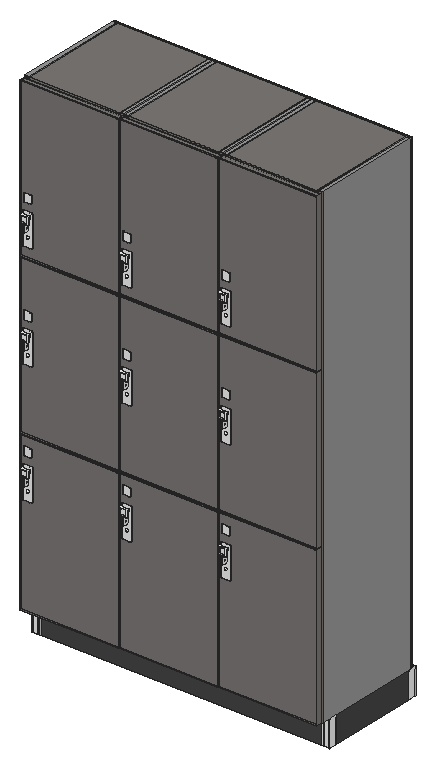
Revit family "Wood_Lockers_Hasps-Salsbury_Industries-15_43000_Series-3_Wide_Units.rfa", category Specialty Equipment, Revit 2016
Family settings
  Part Type = Normal
  Round Connector Dimension = Use Diameter
  OmniClass Number = 23.40.00.00
  OmniClass Title = Equipment and Furnishings
  Work Plane-Based = No
  Always vertical = Yes
  Cut with Voids When Loaded = No
  Shared = No
  Room Calculation Point = No
Parameters (values of type "15-43368")
  Width = 45.000"
  Version = "1.0 (01/31/24)"
  Unit Height including Sloping Hood Only [instance] = 78.868"
  Unit Height including Base Only [instance] = 76.000"
  URL = "www.lockers.com"
  Type Comments = "Premier Wood Lockers - Triple Tier - with Hasps"
  Total Doors Height [instance] = if(Unit Height = 72.000", 71.750", if(Unit Height = 60.000", 59.750", 0.000"))  # 71.750"
  Sloping Top Corner Filler - Right Side [instance] = Wood Locker Sloping Corner Fillers : None
  Sloping Top Corner Filler - Left Side [instance] = Wood Locker Sloping Corner Fillers : None
  Sloping In-Line Filler - Right Side [instance] = Wood Locker Sloping In-Line Fillers : None
  Sloping In-Line Filler - Left Side [instance] = Wood Locker Sloping In-Line Fillers : None
  Sloping Hood Height = if(Depth = 15.000", 5.743", if(Depth = 18.000", 6.868", if(Depth = 21.000", 7.993", if(Depth = 24.000", 9.118", 0.000"))))  # 6.868"
  Sloping Hood [instance] = Wood Locker Sloping Hoods : None
  Side Panel without Slope - Right Side [instance] = Wood Locker Side Panels-No Slope : None
  Side Panel without Slope - Left Side [instance] = Wood Locker Side Panels-No Slope : None
  Side Panel with Slope - Right Side [instance] = Wood Locker Side Panels-With Slope : None
  Side Panel with Slope - Left Side [instance] = Wood Locker Side Panels-With Slope : None
  Secondary Structure Materials = Particle Board Industrial Grade - Salsbury Finish - Black Melamine Overlay
  Primary Structure Materials = Particle Board Industrial Grade - Salsbury Finish - Plain
  Overall Unit Height including Base and Sloping Hood [instance] = 82.868"
  OmniClass 23 Title = "Equipment and Furnishings"
  OmniClass 23 Number = "23.40.00.00"
  Model = "15-43368"
  MasterFormat Title = "Lockers"
  MasterFormat Code = "10 51 23"
  Manufacturer = "Salsbury Industries"
  Laminate Surface [instance] = Industrial Grade Particleboard with Wood Laminate - Salsbury Finish - Skyline Walnut
  Unit Height = 72.000"
  Interior Material = Textured Melamine - Salsbury Finish - White
  Individual Door Width [instance] = 14.875"
  Individual Door Height = if(Unit Height = 72.000", 23.791", if(Unit Height = 60.000", 19.791", 0.000"))  # 23.791"
  Hardware = Aluminum - Salsbury Finish - Black Satin
  Front Vertical Filler - Right Side [instance] = Wood Locker Front Fillers : None
  Front Vertical Filler - Left Side [instance] = Wood Locker Front Fillers : None
  Front Corner Filler - Right Side [instance] = Wood Locker Front Corner Filler : None
  Front Corner Filler - Left Side [instance] = Wood Locker Front Corner Filler : None
  Flat Top In-Line Filler - Right Side [instance] = Wood Locker Flat In-Line Fillers : None
  Flat Top In-Line Filler - Left Side [instance] = Wood Locker Flat In-Line Fillers : None
  Flat Top Corner Filler - Right Side [instance] = Wood Locker Flat Corner Fillers : None
  Flat Top Corner Filler - Left Side [instance] = Wood Locker Flat Corner Fillers : None
  Fascia Filler [instance] = Wood Locker Fascia Fillers : None
  Double Side Panel without Slope - Right Side [instance] = Wood Locker Double Side Panels-No Slope : None
  Double Side Panel without Slope - Left Side [instance] = Wood Locker Double Side Panels-No Slope : None
  Double Side Panel with Slope - Right Side [instance] = Wood Locker Double Side Panels-With Slope : None
  Double Side Panel with Slope - Left Side [instance] = Wood Locker Double Side Panels-With Slope : None
  Door Location D3 = Premier Locker Doors_Hasp : Triple Tier Door-3 for Six Foot High Locker
  Door Location D2 = Premier Locker Doors_Hasp : Triple Tier Door-2 for Six Foot High Locker
  Door Location D1 = Premier Locker Doors_Hasp : Triple Tier Door-1 for Six Foot High Locker
  Description = "3 Wide - 6 Feet High - 18 inches Deep - with Base"
  Depth = 18.000"
  Compartment Width [instance] = 13.750"
  Compartment Height [instance] = if(Unit Height = 72.000", 23.000", if(Unit Height = 60.000", 19.000", 0.000"))  # 23.000"
  Compartment Depth [instance] = 16.750"
  Base Material = Particle Board Industrial Grade - Salsbury Finish - Black Melamine Overlay
  Base Height = 4.000"
  Base Depth [instance] = 16.250"
  Base = Wood Locker Bases : Base - 45" W x 18" D Lockers
  Assembly Code = "C1030310"
Reference planes (in)
  plane 1 "Center (Front/Back)": y = 0
  plane 2: z = 0
  plane 3 "Center (Left/Right)": x = 0
  plane 4 "Right Side of Unit": x = 22.5
  plane 5 "Left Side of Unit": x = -22.5
  plane 6 "Back of Unit": y = 9
  plane 7 "Front of Unit": y = -9
  plane 8 "Bottom of Base": z = 0
  plane 9 "Top Edge of Unit": z = 76
  plane 10 "Top of Base Edge": z = 4
  plane 11: z = 82.868
  plane 12 "Right Compartment 3 Edge": x = 21.906
  plane 13 "Left Compartment 1 Edge": x = -21.906
  plane 14 "Front Melamine Edge": y = -8
  plane 15 "Back Compartment Edge": y = 8.781
  plane 16 "Front Compartment Edge": y = -7.969
  plane 17 "Front Edge of Base": y = -6.625
  plane 18 "Bottom Edge of Door": z = 4.125
  plane 19 "Top Edge of Door": z = 75.875
  plane 20 "Bottom Compartment Edge": z = 4.75
  plane 21 "Top Compartment Edge": z = 75.25
  plane 22 "Center Top and Bottom": z = 40
  plane 23 "Left Melamine 1 Edge": x = -21.875
  plane 24 "Right Melamine 3 Edge": x = 21.875
  plane 25 "Back Melamine Edge": y = 8.75
  plane 26 "Left Edge of Door": x = -22.375
  plane 27: y = 9.625
  plane 28: y = -7.25
  plane 29 "Base / Ventillation Alignment": y = 9.625
  plane 30 "Compartment 1-2 Dividing Line": x = -7.5
  plane 31 "Compartment 2-3 Dividing Line": x = 7.5
  plane 32 "Right Compartment 1 Edge": x = -8.094
  plane 33 "Right Melamine 1 Edge": x = -8.125
  plane 34 "Left Compartment 2 Edge": x = -6.906
  plane 35 "Left Melamine 2 Edge": x = -6.875
  plane 36 "Right Compartment 2 Edge": x = 6.906
  plane 37 "Right Melamine 2 Edge": x = 6.875
  plane 38 "Left Compartment 3 Edge": x = 8.094
  plane 39 "Left Melamine 3 Edge": x = 8.125
  plane 40 "Compartment Shelf 2": z = 28.5
  plane 41: z = 27.75
  plane 42 "Compartment Extrusion Guide": z = 3.5
  plane 43 "Vertical Center of Compartment 1": x = -15
  plane 44 "Vertical Center of Compartment 3": x = 15
  plane 45: z = 27.916
  plane 46: z = 28.104
  plane 47: z = 51.5
  plane 48 "Compartment Shelf 1": z = 52.25
  plane 49: z = 51.895
  plane 50: z = 52.083
  plane 51 "Front of Shelf": y = 3.75
  plane 52: y = 3.781
  plane 53 "Top Shelf-Top": z = 70.75
  plane 54 "Top Shelf-Bottom": z = 70
  plane 55 "Mid Shelf-Top": z = 47
  plane 56 "Mid Shelf-Bottom": z = 46.25
  plane 57 "Bottom Shelf-Top": z = 23.25
  plane 58 "Bottom Shelf-Bottom": z = 22.5
Forms (in)
  Extrusion 1, solid, material "Particle Board Industrial Grade - Salsbury Finish - Plain" <- "Primary Structure Materials"
    sketch origin (22.5, 0, 0) x (0, -1, 0) y (0, 0, 1)
      loop
        line (7.969, 76) -> (-8.75, 76) -> (-8.75, 4) -> (7.969, 4) -> (7.969, 76)
    from 0 to 0.594
  Extrusion 2, solid, material "Particle Board Industrial Grade - Salsbury Finish - Plain" <- "Primary Structure Materials"
    sketch origin (-22.5, 0, 0) x (0, -1, 0) y (0, 0, 1)
      loop
        line (-8.75, 76) -> (-8.75, 4) -> (7.969, 4) -> (7.969, 76) -> (-8.75, 76)
    from 0 to -0.594
  Extrusion 3, solid, material "Textured Melamine - Salsbury Finish - White" <- "Interior Material"
    sketch origin (0, 0, 4) x (0, -1, 0) y (1, 0, 0)
      loop
        line (-8.75, -21.875) -> (7.969, -21.875) -> (7.969, 21.875) -> (-8.75, 21.875) -> (-8.75, -21.875)
    from 0 to 0.75
  Extrusion 4, solid, material "Industrial Grade Particleboard with Wood Laminate - Salsbury Finish - Skyline Walnut" <- "Laminate Surface"
    sketch origin (0, 0, 76) x (0, -1, 0) y (1, 0, 0)
      loop
        line (-8.75, -21.875) -> (8, -21.875) -> (8, 21.875) -> (-8.75, 21.875) -> (-8.75, -21.875)
    from 0 to -0.75
  Extrusion 5, solid, material "Particle Board Industrial Grade - Salsbury Finish - Plain" <- "Primary Structure Materials"
    sketch origin (0, 9, 0) x (1, 0, 0) y (0, 0, 1)
      loop
        line (-22.5, 76) -> (-22.5, 4) -> (22.5, 4) -> (22.5, 76) -> (-22.5, 76)
    from 0 to 0.219
  Extrusion 6, solid, material "Industrial Grade Particleboard with Wood Laminate - Salsbury Finish - Skyline Walnut" <- "Laminate Surface"
    sketch origin (0, -7.969, 0) x (1, 0, 0) y (0, 0, 1)
      loop
        line (-22.5, 76) -> (-22.5, 4) -> (-21.875, 4) -> (-21.875, 76) -> (-22.5, 76)
    from 0 to 0.031
  Extrusion 7, solid, material "Industrial Grade Particleboard with Wood Laminate - Salsbury Finish - Skyline Walnut" <- "Laminate Surface"
    sketch origin (0, -7.969, 0) x (-1, 0, 0) y (0, 0, -1)
      loop
        line (-22.5, -76) -> (-21.875, -76) -> (-21.875, -4) -> (-22.5, -4) -> (-22.5, -76)
    from 0 to 0.031
  Extrusion 8, solid, material "Textured Melamine - Salsbury Finish - White" <- "Interior Material"
    sketch origin (0, 8.75, 0) x (1, 0, 0) y (0, 0, 1)
      loop
        line (-22.5, 76) -> (-22.5, 4) -> (22.5, 4) -> (22.5, 76) -> (-22.5, 76)
    from -0.031 to 0
  Extrusion 9, solid, material "Textured Melamine - Salsbury Finish - White" <- "Interior Material"
    sketch origin (-21.906, 0, 0) x (0, -1, 0) y (0, 0, 1)
      loop
        line (-8.75, 76) -> (-8.75, 4) -> (7.969, 4) -> (7.969, 76) -> (-8.75, 76)
    from 0 to -0.031
  Extrusion 10, solid, material "Textured Melamine - Salsbury Finish - White" <- "Interior Material"
    sketch origin (21.906, 0, 0) x (0, -1, 0) y (0, 0, 1)
      loop
        line (7.969, 76) -> (-8.75, 76) -> (-8.75, 4) -> (7.969, 4) -> (7.969, 76)
    from 0 to 0.031
  Extrusion 11, solid, material "Textured Melamine - Salsbury Finish - White" <- "Interior Material", detail levels fine
    sketch origin (0, 0, 28.5) x (0, -1, 0) y (1, 0, 0)
      loop
        line (-8.75, -21.875) -> (7.969, -21.875) -> (7.969, 21.875) -> (-8.75, 21.875) -> (-8.75, -21.875)
    from 0 to -0.75
  Extrusion 12, void
    sketch origin (0, 0, 76) x (0, -1, 0) y (1, 0, 0)
      loop
        line (-8.75, -8.125) -> (8, -8.125) -> (8, -6.875) -> (-8.75, -6.875) -> (-8.75, -8.125)
    from -72.5 to 0
  Extrusion 13, void
    sketch origin (12, 0, 76) x (0, -1, 0) y (1, 0, 0)
      loop
        line (-8.75, -5.125) -> (8, -5.125) -> (8, -3.875) -> (-8.75, -3.875) -> (-8.75, -5.125)
    from -72.5 to 0
  Extrusion 14, solid, material "Particle Board Industrial Grade - Salsbury Finish - Plain" <- "Primary Structure Materials"
    sketch origin (6.0625, 0, 0) x (0, -1, 0) y (0, 0, 1)
      loop
        line (7.969, 76) -> (-8.75, 76) -> (-8.75, 4) -> (7.969, 4) -> (7.969, 76)
    from -1.4375 to -0.8435
  Extrusion 15, solid, material "Textured Melamine - Salsbury Finish - White" <- "Interior Material"
    sketch origin (5.4685, 0, 0) x (0, -1, 0) y (0, 0, 1)
      loop
        line (7.969, 76) -> (-8.75, 76) -> (-8.75, 4) -> (7.969, 4) -> (7.969, 76)
    from -1.4375 to -1.4065
  Extrusion 16, solid, material "Particle Board Industrial Grade - Salsbury Finish - Plain" <- "Primary Structure Materials"
    sketch origin (-5.9375, 0, 0) x (0, -1, 0) y (0, 0, 1)
      loop
        line (7.969, 76) -> (-8.75, 76) -> (-8.75, 4) -> (7.969, 4) -> (7.969, 76)
    from 1.5625 to 2.1565
  Extrusion 17, solid, material "Textured Melamine - Salsbury Finish - White" <- "Interior Material"
    sketch origin (-6.5315, 0, 0) x (0, -1, 0) y (0, 0, 1)
      loop
        line (7.969, 76) -> (-8.75, 76) -> (-8.75, 4) -> (7.969, 4) -> (7.969, 76)
    from 1.5625 to 1.5935
  Extrusion 18, solid, material "Particle Board Industrial Grade - Salsbury Finish - Plain" <- "Primary Structure Materials"
    sketch origin (-5.9375, 0, 0) x (0, -1, 0) y (0, 0, 1)
      loop
        line (-8.75, 76) -> (-8.75, 4) -> (7.969, 4) -> (7.969, 76) -> (-8.75, 76)
    from 1.5625 to 0.9685
  Extrusion 19, solid, material "Textured Melamine - Salsbury Finish - White" <- "Interior Material"
    sketch origin (-5.3435, 0, 0) x (0, -1, 0) y (0, 0, 1)
      loop
        line (-8.75, 76) -> (-8.75, 4) -> (7.969, 4) -> (7.969, 76) -> (-8.75, 76)
    from 1.5625 to 1.5315
  Extrusion 20, solid, material "Particle Board Industrial Grade - Salsbury Finish - Plain" <- "Primary Structure Materials"
    sketch origin (6.0625, 0, 0) x (0, -1, 0) y (0, 0, 1)
      loop
        line (-8.75, 76) -> (-8.75, 4) -> (7.969, 4) -> (7.969, 76) -> (-8.75, 76)
    from -1.4375 to -2.0315
  Extrusion 21, solid, material "Textured Melamine - Salsbury Finish - White" <- "Interior Material"
    sketch origin (6.6565, 0, 0) x (0, -1, 0) y (0, 0, 1)
      loop
        line (-8.75, 76) -> (-8.75, 4) -> (7.969, 4) -> (7.969, 76) -> (-8.75, 76)
    from -1.4375 to -1.4685
  Extrusion 22, solid, material "Industrial Grade Particleboard with Wood Laminate - Salsbury Finish - Skyline Walnut" <- "Laminate Surface"
    sketch origin (11.375, -7.969, 0) x (1, 0, 0) y (0, 0, 1)
      loop
        line (-19.5, 76) -> (-19.5, 4) -> (-18.25, 4) -> (-18.25, 76) -> (-19.5, 76)
    from 0 to 0.031
  Extrusion 23, solid, material "Industrial Grade Particleboard with Wood Laminate - Salsbury Finish - Skyline Walnut" <- "Laminate Surface"
    sketch origin (23.375, -7.969, 0) x (1, 0, 0) y (0, 0, 1)
      loop
        line (-16.5, 76) -> (-16.5, 4) -> (-15.25, 4) -> (-15.25, 76) -> (-16.5, 76)
    from 0 to 0.031
  Extrusion 24, solid, material "Textured Melamine - Salsbury Finish - White" <- "Interior Material", detail levels fine
    sketch origin (0, 0, 52.25) x (0, -1, 0) y (1, 0, 0)
      loop
        line (-8.75, -21.875) -> (7.969, -21.875) -> (7.969, 21.875) -> (-8.75, 21.875) -> (-8.75, -21.875)
    from 0 to -0.75
  Extrusion 25, solid, material "Industrial Grade Particleboard with Wood Laminate - Salsbury Finish - Skyline Walnut" <- "Laminate Surface"
    sketch origin (0, -7.969, 0) x (1, 0, 0) y (0, 0, 1)
      loop
        line (-21.875, 52.25) -> (-21.875, 51.5) -> (21.875, 51.5) -> (21.875, 52.25) -> (-21.875, 52.25)
    from 0 to 0.031
  Extrusion 26, solid, material "Industrial Grade Particleboard with Wood Laminate - Salsbury Finish - Skyline Walnut" <- "Laminate Surface"
    sketch origin (0, -7.969, 0) x (1, 0, 0) y (0, 0, 1)
      loop
        line (-21.875, 28.5) -> (-21.875, 27.75) -> (21.875, 27.75) -> (21.875, 28.5) -> (-21.875, 28.5)
    from 0 to 0.031
  Extrusion 27, solid, material "Industrial Grade Particleboard with Wood Laminate - Salsbury Finish - Skyline Walnut" <- "Laminate Surface"
    sketch origin (0, -7.969, 0) x (1, 0, 0) y (0, 0, 1)
      loop
        line (-21.875, 4.75) -> (-21.875, 4) -> (21.875, 4) -> (21.875, 4.75) -> (-21.875, 4.75)
    from 0 to 0.031
  Extrusion 28, solid, material "Textured Melamine - Salsbury Finish - White" <- "Interior Material"
    sketch origin (0, 0, 70.75) x (0, -1, 0) y (1, 0, 0)
      loop
        line (-8.75, -21.875) -> (-3.781, -21.875) -> (-3.781, 21.875) -> (-8.75, 21.875) -> (-8.75, -21.875)
    from 0 to -0.75
  Extrusion 29, solid, material "Textured Melamine - Salsbury Finish - White" <- "Interior Material"
    sketch origin (0, 0, 47) x (0, -1, 0) y (1, 0, 0)
      loop
        line (-8.75, -21.875) -> (-3.781, -21.875) -> (-3.781, 21.875) -> (-8.75, 21.875) -> (-8.75, -21.875)
    from 0 to -0.75
  Extrusion 30, solid, material "Textured Melamine - Salsbury Finish - White" <- "Interior Material"
    sketch origin (0, 0, 23.25) x (0, -1, 0) y (1, 0, 0)
      loop
        line (-8.75, -21.875) -> (-3.781, -21.875) -> (-3.781, 21.875) -> (-8.75, 21.875) -> (-8.75, -21.875)
    from 0 to -0.75
  Extrusion 31, solid, material "Industrial Grade Particleboard with Wood Laminate - Salsbury Finish - Skyline Walnut" <- "Laminate Surface"
    sketch origin (0, 3.75, 0) x (1, 0, 0) y (0, 0, 1)
      loop
        line (-21.875, 70.75) -> (-21.875, 70) -> (21.875, 70) -> (21.875, 70.75) -> (-21.875, 70.75)
    from 0 to -0.031
  Extrusion 32, solid, material "Industrial Grade Particleboard with Wood Laminate - Salsbury Finish - Skyline Walnut" <- "Laminate Surface"
    sketch origin (0, 3.75, 0) x (1, 0, 0) y (0, 0, 1)
      loop
        line (-21.875, 47) -> (-21.875, 46.25) -> (21.875, 46.25) -> (21.875, 47) -> (-21.875, 47)
    from 0 to -0.031
  Extrusion 33, solid, material "Industrial Grade Particleboard with Wood Laminate - Salsbury Finish - Skyline Walnut" <- "Laminate Surface"
    sketch origin (0, 3.75, 0) x (1, 0, 0) y (0, 0, 1)
      loop
        line (-21.875, 23.25) -> (-21.875, 22.5) -> (21.875, 22.5) -> (21.875, 23.25) -> (-21.875, 23.25)
    from 0 to -0.031
Cuts and joins
  Extrusion 12, Extrusion 13 cuts Extrusion 4
  Extrusion 12, Extrusion 13 cuts Extrusion 11
  Extrusion 12, Extrusion 13 cuts Extrusion 3
  Extrusion 13 cuts Extrusion 8
  Extrusion 12, Extrusion 13 cuts Extrusion 24
Lines and regions (in)
  symbolic lines
    curve 1: line (-22.5, 8.75, 76) -> (22.50006, 8.75, 76)
    curve 2: line (-22.5, 8.75, 0) -> (-22.5, 8.75, 76)
    curve 3: line (22.50006, 8.75, 76) -> (22.50006, 8.75, 0)
    curve 4: line (21.906, -8, 76) -> (21.906, 9.625, 76)
    curve 5: line (21.906, -8, 0) -> (21.906, -8, 76)
    curve 6: line (21.906, 9.625, 76) -> (21.906, 9.625, 0)
    curve 7: line (22.50006, 8.75, 0) -> (-22.5, 8.75, 0)
    curve 8: line (21.906, -6.625, 0) -> (21.906, 9.625, 0)
    curve 9: line (21.906, 9.625, 0) -> (21.906, -6.625, 0)
    curve 10: line (21.906, -8, 0) -> (21.906, 9.625, 0)
    curve 11: line (-22.5, 9.625, 0) -> (22.5, 9.625, 0)
    curve 12: line (-22.5, -8, 0) -> (-22.5, 9.625, 0)
    curve 13: line (22.5, -8, 0) -> (-22.5, -8, 0)
    curve 14: line (22.5, 9.625, 0) -> (22.5, -8, 0)
Dimensions and locks (in)
  equal spacing: plane 5 "Left Side of Unit", plane 43 "Vertical Center of Compartment 1", plane 30 "Compartment 1-2 Dividing Line", plane 3 "Center (Left/Right)", plane 31 "Compartment 2-3 Dividing Line", plane 44 "Vertical Center of Compartment 3", plane 4 "Right Side of Unit"
  "Width": plane 5 "Left Side of Unit" to plane 4 "Right Side of Unit"
  equal spacing: plane 7 "Front of Unit", plane 1 "Center (Front/Back)", plane 6 "Back of Unit"
  "Depth": plane 7 "Front of Unit" to plane 6 "Back of Unit"
  "Base Height": plane 10 "Top of Base Edge" to plane 8 "Bottom of Base"
  "Unit Height": plane 9 "Top Edge of Unit" to plane 10 "Top of Base Edge"
  "Sloping Hood Height": plane 11 to plane 9 "Top Edge of Unit"
  locked: plane 12 "Right Compartment 3 Edge" to plane 4 "Right Side of Unit" at 0.594
  locked: plane 5 "Left Side of Unit" to plane 13 "Left Compartment 1 Edge" at 0.594
  locked: plane 7 "Front of Unit" to plane 14 "Front Melamine Edge" at 1
  locked: plane 15 "Back Compartment Edge" to plane 6 "Back of Unit" at 0.219
  locked: plane 14 "Front Melamine Edge" to plane 16 "Front Compartment Edge" at 0.031
  plane 18 "Bottom Edge of Door" to plane 10 "Top of Base Edge" = 0.125"
  plane 9 "Top Edge of Unit" to plane 19 "Top Edge of Door" = 0.125"
  plane 20 "Bottom Compartment Edge" to plane 10 "Top of Base Edge" = 0.750"
  plane 9 "Top Edge of Unit" to plane 21 "Top Compartment Edge" = 0.750"
  equal spacing: plane 9 "Top Edge of Unit", plane 22 "Center Top and Bottom", plane 10 "Top of Base Edge"
  locked: plane 24 "Right Melamine 3 Edge" to plane 12 "Right Compartment 3 Edge" at 0.031
  locked: plane 13 "Left Compartment 1 Edge" to plane 23 "Left Melamine 1 Edge" at 0.031
  locked: plane 25 "Back Melamine Edge" to plane 15 "Back Compartment Edge" at 0.031
  locked: plane 5 "Left Side of Unit" to plane 26 "Left Edge of Door" at 0.125
  "Individual Door Width": plane 26 "Left Edge of Door" to plane 30 "Compartment 1-2 Dividing Line"
  "Total Doors Height": plane 19 "Top Edge of Door" to plane 18 "Bottom Edge of Door"
  "Unit Height including Base Only": plane 9 "Top Edge of Unit" to plane 8 "Bottom of Base"
  "Unit Height including Sloping Hood Only": plane 11 to plane 10 "Top of Base Edge"
  "Overall Unit Height including Base and Sloping Hood": plane 11 to plane 8 "Bottom of Base"
  locked: plane 7 "Front of Unit" to plane 17 "Front Edge of Base" at 2.375
  locked: plane 6 "Back of Unit" to plane 27 at 0.625
  "Base Depth": plane 17 "Front Edge of Base" to plane 27
  "Compartment Width": plane 23 "Left Melamine 1 Edge" to plane 33 "Right Melamine 1 Edge"
  "Compartment Height": plane 41 to plane 20 "Bottom Compartment Edge"
  "Compartment Depth": plane 14 "Front Melamine Edge" to plane 25 "Back Melamine Edge"
  locked: plane 14 "Front Melamine Edge" to plane 28 at 0.75
  plane 14 "Front Melamine Edge" to plane 27 = 17.625"
  Extrusion 2 to Extrusion 9 = 16.719"
  plane 6 "Back of Unit" to plane 29 "Base / Ventillation Alignment" = 0.625"
  plane 32 "Right Compartment 1 Edge" to plane 30 "Compartment 1-2 Dividing Line" to plane 34 "Left Compartment 2 Edge" = 0.594" locked, 0.594" locked
  plane 36 "Right Compartment 2 Edge" to plane 31 "Compartment 2-3 Dividing Line" to plane 38 "Left Compartment 3 Edge" = 0.594" locked, 0.594" locked
  locked: plane 37 "Right Melamine 2 Edge" to plane 36 "Right Compartment 2 Edge" at 0.031
  locked: plane 38 "Left Compartment 3 Edge" to plane 39 "Left Melamine 3 Edge" at 0.031
  locked: plane 34 "Left Compartment 2 Edge" to plane 35 "Left Melamine 2 Edge" at 0.031
  plane 33 "Right Melamine 1 Edge" to plane 32 "Right Compartment 1 Edge" = 0.031"
  locked: plane 40 "Compartment Shelf 2" to plane 41 at 0.75
  locked: plane 10 "Top of Base Edge" to plane 42 "Compartment Extrusion Guide" at 0.5
  locked: plane 46 to plane 45 at 0.188
  "Individual Door Height": plane 45 to plane 18 "Bottom Edge of Door"
  locked: plane 48 "Compartment Shelf 1" to plane 47 at 0.75
  locked: plane 50 to plane 49 at 0.188
  "Individual Door Height": plane 49 to plane 46
  "Compartment Height": plane 47 to plane 40 "Compartment Shelf 2"
  locked: plane 51 "Front of Shelf" to plane 52 at 0.031
  locked: plane 51 "Front of Shelf" to plane 25 "Back Melamine Edge" at 5
  plane 21 "Top Compartment Edge" to plane 53 "Top Shelf-Top" to plane 54 "Top Shelf-Bottom" = 4.500" locked, 0.750" locked
  plane 47 to plane 55 "Mid Shelf-Top" to plane 56 "Mid Shelf-Bottom" = 4.500" locked, 0.750" locked
  plane 41 to plane 57 "Bottom Shelf-Top" to plane 58 "Bottom Shelf-Bottom" = 4.500" locked, 0.750" locked
  aligned and locked: level to plane 2
  aligned and locked: plane 15 "Back Compartment Edge" to Extrusion 5
  aligned and locked: plane 4 "Right Side of Unit" to nested 1
  aligned and locked: plane 18 "Bottom Edge of Door" to nested 1
  aligned and locked: plane 7 "Front of Unit" to nested 1
  aligned and locked: plane 5 "Left Side of Unit" to nested 2
  aligned and locked: nested 2 to plane 14 "Front Melamine Edge"
  aligned and locked: nested 2 to plane 9 "Top Edge of Unit"
  aligned and locked: plane 4 "Right Side of Unit" to nested 3
  aligned and locked: nested 3 to plane 9 "Top Edge of Unit"
  aligned and locked: nested 3 to plane 14 "Front Melamine Edge"
  aligned and locked: plane 9 "Top Edge of Unit" to nested 4
  aligned and locked: plane 28 to nested 4
  aligned and locked: nested 5 to plane 28
  aligned and locked: plane 5 "Left Side of Unit" to nested 5
  aligned and locked: plane 4 "Right Side of Unit" to nested 4
  aligned and locked: nested 5 to plane 9 "Top Edge of Unit"
  aligned and locked: nested 7 to plane 5 "Left Side of Unit"
  aligned and locked: nested 6 to plane 4 "Right Side of Unit"
  aligned and locked: plane 14 "Front Melamine Edge" to nested 6
  aligned and locked: plane 14 "Front Melamine Edge" to nested 7
  aligned and locked: plane 10 "Top of Base Edge" to nested 6
  aligned and locked: plane 10 "Top of Base Edge" to nested 7
  aligned and locked: plane 5 "Left Side of Unit" to nested 8
  aligned and locked: plane 4 "Right Side of Unit" to nested 9
  aligned and locked: nested 9 to plane 10 "Top of Base Edge"
  aligned and locked: nested 8 to plane 10 "Top of Base Edge"
  aligned and locked: plane 16 "Front Compartment Edge" to nested 9
  aligned and locked: plane 14 "Front Melamine Edge" to nested 8
  aligned and locked: plane 4 "Right Side of Unit" to nested 10
  aligned and locked: nested 10 to plane 10 "Top of Base Edge"
  aligned and locked: plane 14 "Front Melamine Edge" to nested 10
  aligned and locked: plane 14 "Front Melamine Edge" to nested 11
  aligned and locked: nested 11 to nested 3
  aligned and locked: plane 10 "Top of Base Edge" to nested 11
  aligned and locked: nested 12 to plane 5 "Left Side of Unit"
  aligned and locked: plane 14 "Front Melamine Edge" to nested 12
  aligned and locked: plane 10 "Top of Base Edge" to nested 12
  aligned and locked: plane 14 "Front Melamine Edge" to nested 13
  aligned and locked: nested 13 to plane 4 "Right Side of Unit"
  aligned and locked: plane 14 "Front Melamine Edge" to nested 14
  aligned and locked: nested 14 to plane 5 "Left Side of Unit"
  aligned and locked: plane 10 "Top of Base Edge" to nested 13
  aligned and locked: plane 10 "Top of Base Edge" to nested 14
  aligned and locked: plane 14 "Front Melamine Edge" to nested 15
  aligned and locked: plane 4 "Right Side of Unit" to nested 15
  aligned and locked: plane 14 "Front Melamine Edge" to nested 16
  aligned and locked: plane 5 "Left Side of Unit" to nested 16
  aligned and locked: nested 15 to plane 8 "Bottom of Base"
  aligned and locked: nested 16 to plane 8 "Bottom of Base"
  aligned and locked: nested 17 to plane 5 "Left Side of Unit"
  aligned and locked: nested 18 to plane 4 "Right Side of Unit"
  aligned and locked: nested 18 to plane 14 "Front Melamine Edge"
  aligned and locked: nested 17 to plane 14 "Front Melamine Edge"
  aligned and locked: plane 8 "Bottom of Base" to nested 18
  aligned and locked: plane 8 "Bottom of Base" to nested 17
  aligned and locked: plane 17 "Front Edge of Base" to nested 19
  aligned and locked: nested 20 to plane 9 "Top Edge of Unit"
  aligned and locked: plane 5 "Left Side of Unit" to nested 20
  aligned and locked: nested 21 to plane 9 "Top Edge of Unit"
  aligned and locked: plane 4 "Right Side of Unit" to nested 21
  aligned and locked: nested 21 to plane 14 "Front Melamine Edge"
  aligned and locked: nested 20 to plane 14 "Front Melamine Edge"
  aligned and locked: nested 23 to plane 9 "Top Edge of Unit"
  aligned and locked: plane 4 "Right Side of Unit" to nested 23
  aligned and locked: nested 22 to plane 9 "Top Edge of Unit"
  aligned and locked: plane 5 "Left Side of Unit" to nested 22
  aligned and locked: nested 23 to plane 28
  aligned and locked: nested 22 to plane 28
  aligned and locked: nested 19 to plane 8 "Bottom of Base"
  aligned and locked: plane 3 "Center (Left/Right)" to nested 19
  aligned and locked: plane 25 "Back Melamine Edge" to Extrusion 3 sketch curve
  aligned and locked: Extrusion 3 sketch curve to plane 23 "Left Melamine 1 Edge"
  aligned and locked: plane 24 "Right Melamine 3 Edge" to Extrusion 3 sketch curve
  aligned and locked: plane 25 "Back Melamine Edge" to Extrusion 4 sketch curve
  aligned and locked: plane 24 "Right Melamine 3 Edge" to Extrusion 4 sketch curve
  aligned and locked: Extrusion 4 sketch curve to plane 23 "Left Melamine 1 Edge"
  aligned and locked: Extrusion 4 sketch curve to plane 14 "Front Melamine Edge"
  aligned and locked: Extrusion 4 to plane 9 "Top Edge of Unit"
  aligned and locked: plane 21 "Top Compartment Edge" to Extrusion 4
  aligned and locked: Extrusion 2 sketch curve to plane 9 "Top Edge of Unit"
  aligned and locked: plane 16 "Front Compartment Edge" to Extrusion 2 sketch curve
  aligned and locked: Extrusion 2 sketch curve to plane 25 "Back Melamine Edge"
  aligned and locked: plane 10 "Top of Base Edge" to Extrusion 2 sketch curve
  aligned and locked: Extrusion 2 to plane 13 "Left Compartment 1 Edge"
  aligned and locked: plane 5 "Left Side of Unit" to Extrusion 2
  aligned and locked: plane 10 "Top of Base Edge" to Extrusion 9 sketch curve
  aligned and locked: Extrusion 9 sketch curve to plane 25 "Back Melamine Edge"
  aligned and locked: Extrusion 9 sketch curve to plane 9 "Top Edge of Unit"
  aligned and locked: Extrusion 1 sketch curve to plane 16 "Front Compartment Edge"
  aligned and locked: plane 9 "Top Edge of Unit" to Extrusion 1 sketch curve
  aligned and locked: Extrusion 1 sketch curve to plane 10 "Top of Base Edge"
  aligned and locked: plane 25 "Back Melamine Edge" to Extrusion 1 sketch curve
  aligned and locked: Extrusion 1 to plane 4 "Right Side of Unit"
  aligned and locked: plane 12 "Right Compartment 3 Edge" to Extrusion 1
  aligned and locked: Extrusion 10 sketch curve to plane 10 "Top of Base Edge"
  aligned and locked: plane 25 "Back Melamine Edge" to Extrusion 10 sketch curve
  aligned and locked: Extrusion 10 sketch curve to plane 16 "Front Compartment Edge"
  aligned and locked: plane 9 "Top Edge of Unit" to Extrusion 10 sketch curve
  aligned and locked: Extrusion 10 to plane 12 "Right Compartment 3 Edge"
  aligned and locked: plane 24 "Right Melamine 3 Edge" to Extrusion 10
  aligned and locked: Extrusion 8 sketch curve to plane 10 "Top of Base Edge"
  aligned and locked: plane 4 "Right Side of Unit" to Extrusion 8 sketch curve
  aligned and locked: plane 9 "Top Edge of Unit" to Extrusion 8 sketch curve
  aligned and locked: Extrusion 8 sketch curve to plane 5 "Left Side of Unit"
  aligned and locked: Extrusion 8 to plane 15 "Back Compartment Edge"
  aligned and locked: plane 25 "Back Melamine Edge" to Extrusion 8
  aligned and locked: plane 9 "Top Edge of Unit" to Extrusion 5 sketch curve
  aligned and locked: Extrusion 5 sketch curve to plane 5 "Left Side of Unit"
  aligned and locked: Extrusion 5 sketch curve to plane 10 "Top of Base Edge"
  aligned and locked: plane 4 "Right Side of Unit" to Extrusion 5 sketch curve
  aligned and locked: Extrusion 7 sketch curve to plane 9 "Top Edge of Unit"
  aligned and locked: Extrusion 7 sketch curve to plane 4 "Right Side of Unit"
  aligned and locked: plane 24 "Right Melamine 3 Edge" to Extrusion 7 sketch curve
  aligned and locked: plane 10 "Top of Base Edge" to Extrusion 7 sketch curve
  aligned and locked: Extrusion 7 to plane 16 "Front Compartment Edge"
  aligned and locked: plane 14 "Front Melamine Edge" to Extrusion 7
  aligned and locked: plane 10 "Top of Base Edge" to Extrusion 6 sketch curve
  aligned and locked: plane 23 "Left Melamine 1 Edge" to Extrusion 6 sketch curve
  aligned and locked: Extrusion 6 sketch curve to plane 5 "Left Side of Unit"
  aligned and locked: plane 9 "Top Edge of Unit" to Extrusion 6 sketch curve
  aligned and locked: Extrusion 6 to plane 16 "Front Compartment Edge"
  aligned and locked: Extrusion 6 to plane 14 "Front Melamine Edge"
  aligned and locked: plane 16 "Front Compartment Edge" to Extrusion 9
  aligned and locked: plane 13 "Left Compartment 1 Edge" to Extrusion 9
  aligned and locked: nested 2 to curve 1
  aligned and locked: curve 2 to nested 16
  aligned and locked: nested 15 to curve 5
  aligned and locked: curve 9 to nested 19
  aligned and locked: curve 10 to nested 15
  aligned and locked: curve 13 to plane 14 "Front Melamine Edge"
  aligned and locked: curve 12 to plane 5 "Left Side of Unit"
  aligned and locked: plane 29 "Base / Ventillation Alignment" to curve 11
  aligned and locked: plane 29 "Base / Ventillation Alignment" to curve 6
  aligned and locked: plane 14 "Front Melamine Edge" to nested 24
  aligned and locked: plane 9 "Top Edge of Unit" to nested 24
  aligned and locked: plane 3 "Center (Left/Right)" to nested 24
  aligned and locked: plane 14 "Front Melamine Edge" to nested 25
  aligned and locked: plane 3 "Center (Left/Right)" to nested 25
  aligned and locked: plane 9 "Top Edge of Unit" to nested 25
  aligned and locked: plane 25 "Back Melamine Edge" to Extrusion 11 sketch curve
  aligned and locked: Extrusion 11 sketch curve to plane 23 "Left Melamine 1 Edge"
  aligned and locked: plane 24 "Right Melamine 3 Edge" to Extrusion 11 sketch curve
  aligned and locked: Extrusion 12 sketch curve to plane 25 "Back Melamine Edge"
  aligned and locked: plane 33 "Right Melamine 1 Edge" to Extrusion 12 sketch curve
  aligned and locked: plane 14 "Front Melamine Edge" to Extrusion 12 sketch curve
  aligned and locked: Extrusion 12 sketch curve to plane 35 "Left Melamine 2 Edge"
  aligned and locked: Extrusion 12 to plane 9 "Top Edge of Unit"
  aligned and locked: plane 42 "Compartment Extrusion Guide" to Extrusion 12
  aligned and locked: Extrusion 13 sketch curve to plane 37 "Right Melamine 2 Edge"
  aligned and locked: plane 39 "Left Melamine 3 Edge" to Extrusion 13 sketch curve
  aligned and locked: plane 25 "Back Melamine Edge" to Extrusion 13 sketch curve
  aligned and locked: Extrusion 13 sketch curve to plane 14 "Front Melamine Edge"
  aligned and locked: plane 42 "Compartment Extrusion Guide" to Extrusion 13
  aligned and locked: Extrusion 13 to plane 9 "Top Edge of Unit"
  aligned and locked: plane 9 "Top Edge of Unit" to Extrusion 14 sketch curve
  aligned and locked: plane 25 "Back Melamine Edge" to Extrusion 14 sketch curve
  aligned and locked: Extrusion 14 sketch curve to plane 10 "Top of Base Edge"
  aligned and locked: Extrusion 14 sketch curve to plane 16 "Front Compartment Edge"
  aligned and locked: plane 36 "Right Compartment 2 Edge" to Extrusion 14
  aligned and locked: Extrusion 14 to plane 31 "Compartment 2-3 Dividing Line"
  aligned and locked: plane 25 "Back Melamine Edge" to Extrusion 15 sketch curve
  aligned and locked: plane 9 "Top Edge of Unit" to Extrusion 15 sketch curve
  aligned and locked: Extrusion 15 sketch curve to plane 10 "Top of Base Edge"
  aligned and locked: Extrusion 15 sketch curve to plane 16 "Front Compartment Edge"
  aligned and locked: Extrusion 15 to plane 36 "Right Compartment 2 Edge"
  aligned and locked: plane 37 "Right Melamine 2 Edge" to Extrusion 15
  aligned and locked: plane 25 "Back Melamine Edge" to Extrusion 16 sketch curve
  aligned and locked: plane 9 "Top Edge of Unit" to Extrusion 16 sketch curve
  aligned and locked: Extrusion 16 sketch curve to plane 10 "Top of Base Edge"
  aligned and locked: Extrusion 16 sketch curve to plane 16 "Front Compartment Edge"
  aligned and locked: plane 32 "Right Compartment 1 Edge" to Extrusion 16
  aligned and locked: Extrusion 16 to plane 30 "Compartment 1-2 Dividing Line"
  aligned and locked: plane 25 "Back Melamine Edge" to Extrusion 17 sketch curve
  aligned and locked: plane 9 "Top Edge of Unit" to Extrusion 17 sketch curve
  aligned and locked: Extrusion 17 sketch curve to plane 10 "Top of Base Edge"
  aligned and locked: Extrusion 17 sketch curve to plane 16 "Front Compartment Edge"
  aligned and locked: Extrusion 17 to plane 32 "Right Compartment 1 Edge"
  aligned and locked: plane 33 "Right Melamine 1 Edge" to Extrusion 17
  aligned and locked: plane 10 "Top of Base Edge" to Extrusion 18 sketch curve
  aligned and locked: plane 16 "Front Compartment Edge" to Extrusion 18 sketch curve
  aligned and locked: Extrusion 18 sketch curve to plane 25 "Back Melamine Edge"
  aligned and locked: Extrusion 18 sketch curve to plane 9 "Top Edge of Unit"
  aligned and locked: Extrusion 18 to plane 34 "Left Compartment 2 Edge"
  aligned and locked: plane 30 "Compartment 1-2 Dividing Line" to Extrusion 18
  aligned and locked: Extrusion 19 sketch curve to plane 25 "Back Melamine Edge"
  aligned and locked: Extrusion 19 sketch curve to plane 9 "Top Edge of Unit"
  aligned and locked: plane 10 "Top of Base Edge" to Extrusion 19 sketch curve
  aligned and locked: plane 16 "Front Compartment Edge" to Extrusion 19 sketch curve
  aligned and locked: Extrusion 19 to plane 35 "Left Melamine 2 Edge"
  aligned and locked: plane 34 "Left Compartment 2 Edge" to Extrusion 19
  aligned and locked: plane 16 "Front Compartment Edge" to Extrusion 20 sketch curve
  aligned and locked: plane 10 "Top of Base Edge" to Extrusion 20 sketch curve
  aligned and locked: Extrusion 20 sketch curve to plane 9 "Top Edge of Unit"
  aligned and locked: Extrusion 20 sketch curve to plane 25 "Back Melamine Edge"
  aligned and locked: plane 31 "Compartment 2-3 Dividing Line" to Extrusion 20
  aligned and locked: Extrusion 20 to plane 38 "Left Compartment 3 Edge"
  aligned and locked: Extrusion 21 sketch curve to plane 25 "Back Melamine Edge"
  aligned and locked: Extrusion 21 sketch curve to plane 9 "Top Edge of Unit"
  aligned and locked: plane 10 "Top of Base Edge" to Extrusion 21 sketch curve
  aligned and locked: plane 16 "Front Compartment Edge" to Extrusion 21 sketch curve
  aligned and locked: Extrusion 21 to plane 39 "Left Melamine 3 Edge"
  aligned and locked: plane 38 "Left Compartment 3 Edge" to Extrusion 21
  aligned and locked: plane 31 "Compartment 2-3 Dividing Line" to nested 26
  aligned and locked: plane 30 "Compartment 1-2 Dividing Line" to nested 27
  aligned and locked: plane 18 "Bottom Edge of Door" to nested 26
  aligned and locked: nested 27 to plane 18 "Bottom Edge of Door"
  aligned and locked: plane 7 "Front of Unit" to nested 26
  aligned and locked: plane 7 "Front of Unit" to nested 27
  aligned and locked: Extrusion 22 sketch curve to plane 33 "Right Melamine 1 Edge"
  aligned and locked: plane 9 "Top Edge of Unit" to Extrusion 22 sketch curve
  aligned and locked: plane 35 "Left Melamine 2 Edge" to Extrusion 22 sketch curve
  aligned and locked: Extrusion 22 sketch curve to plane 10 "Top of Base Edge"
  aligned and locked: Extrusion 22 to plane 16 "Front Compartment Edge"
  aligned and locked: plane 14 "Front Melamine Edge" to Extrusion 22
  aligned and locked: plane 9 "Top Edge of Unit" to Extrusion 23 sketch curve
  aligned and locked: Extrusion 23 sketch curve to plane 37 "Right Melamine 2 Edge"
  aligned and locked: plane 39 "Left Melamine 3 Edge" to Extrusion 23 sketch curve
  aligned and locked: Extrusion 23 sketch curve to plane 10 "Top of Base Edge"
  aligned and locked: Extrusion 23 to plane 16 "Front Compartment Edge"
  aligned and locked: plane 14 "Front Melamine Edge" to Extrusion 23
  aligned and locked: plane 46 to nested 30
  aligned and locked: plane 46 to nested 29
  aligned and locked: plane 30 "Compartment 1-2 Dividing Line" to nested 30
  aligned and locked: plane 31 "Compartment 2-3 Dividing Line" to nested 29
  aligned and locked: plane 46 to nested 28
  aligned and locked: plane 4 "Right Side of Unit" to nested 28
  aligned and locked: plane 7 "Front of Unit" to nested 28
  aligned and locked: plane 7 "Front of Unit" to nested 29
  aligned and locked: plane 7 "Front of Unit" to nested 30
  aligned and locked: plane 25 "Back Melamine Edge" to Extrusion 24 sketch curve
  aligned and locked: plane 24 "Right Melamine 3 Edge" to Extrusion 24 sketch curve
  aligned and locked: Extrusion 24 sketch curve to plane 23 "Left Melamine 1 Edge"
  aligned and locked: plane 7 "Front of Unit" to nested 31
  aligned and locked: plane 7 "Front of Unit" to nested 32
  aligned and locked: plane 7 "Front of Unit" to nested 33
  aligned and locked: plane 50 to nested 31
  aligned and locked: plane 50 to nested 32
  aligned and locked: plane 50 to nested 33
  aligned and locked: plane 4 "Right Side of Unit" to nested 31
  aligned and locked: plane 31 "Compartment 2-3 Dividing Line" to nested 32
  aligned and locked: plane 30 "Compartment 1-2 Dividing Line" to nested 33
  aligned and locked: plane 16 "Front Compartment Edge" to Extrusion 24
  aligned and locked: plane 16 "Front Compartment Edge" to Extrusion 11
  aligned and locked: plane 16 "Front Compartment Edge" to Extrusion 3
  aligned and locked: Extrusion 25 sketch curve to cut or joined group of Extrusion 12, Extrusion 13, Extrusion 24  (x4)
  aligned and locked: Extrusion 25 to plane 16 "Front Compartment Edge"
  aligned and locked: Extrusion 25 to plane 14 "Front Melamine Edge"
  aligned and locked: Extrusion 26 sketch curve to cut or joined group of Extrusion 11, Extrusion 12, Extrusion 13  (x4)
  aligned and locked: Extrusion 26 to plane 14 "Front Melamine Edge"
  aligned and locked: Extrusion 26 to plane 16 "Front Compartment Edge"
  aligned and locked: Extrusion 27 sketch curve to cut or joined group of Extrusion 3, Extrusion 12, Extrusion 13  (x3)
  aligned and locked: Extrusion 7 to Extrusion 27 sketch curve
  aligned and locked: Extrusion 27 to plane 14 "Front Melamine Edge"
  aligned and locked: Extrusion 27 to plane 16 "Front Compartment Edge"
  aligned and locked: Extrusion 28 sketch curve to cut or joined group of Extrusion 4, Extrusion 12, Extrusion 13
  aligned and locked: cut or joined group of Extrusion 4, Extrusion 12, Extrusion 13 to Extrusion 28 sketch curve
  aligned and locked: Extrusion 28 sketch curve to plane 52
  aligned and locked: Extrusion 28 sketch curve to plane 24 "Right Melamine 3 Edge"
  aligned and locked: Extrusion 28 to plane 54 "Top Shelf-Bottom"
  aligned and locked: Extrusion 28 to plane 53 "Top Shelf-Top"
  aligned and locked: Extrusion 29 sketch curve to cut or joined group of Extrusion 4, Extrusion 12, Extrusion 13
  aligned and locked: cut or joined group of Extrusion 4, Extrusion 12, Extrusion 13 to Extrusion 29 sketch curve
  aligned and locked: Extrusion 29 sketch curve to Extrusion 28  (x2)
  aligned and locked: Extrusion 29 to plane 56 "Mid Shelf-Bottom"
  aligned and locked: Extrusion 29 to plane 55 "Mid Shelf-Top"
  aligned and locked: Extrusion 30 sketch curve to cut or joined group of Extrusion 4, Extrusion 12, Extrusion 13
  aligned and locked: cut or joined group of Extrusion 4, Extrusion 12, Extrusion 13 to Extrusion 30 sketch curve
  aligned and locked: Extrusion 30 sketch curve to Extrusion 28  (x2)
  aligned and locked: Extrusion 30 to plane 58 "Bottom Shelf-Bottom"
  aligned and locked: Extrusion 30 to plane 57 "Bottom Shelf-Top"
  aligned and locked: Extrusion 31 sketch curve to Extrusion 28  (x4)
  aligned and locked: Extrusion 31 to plane 51 "Front of Shelf"
  aligned and locked: Extrusion 31 to plane 52
  aligned and locked: Extrusion 32 sketch curve to Extrusion 29  (x4)
  aligned and locked: Extrusion 32 to plane 51 "Front of Shelf"
  aligned and locked: Extrusion 32 to plane 52
  aligned and locked: Extrusion 33 sketch curve to Extrusion 30  (x4)
  aligned and locked: Extrusion 33 to plane 51 "Front of Shelf"
  aligned and locked: Extrusion 33 to plane 52
Automatic sketch dimensions
  Extrusion 9 sketch curve to plane 16 "Front Compartment Edge" = 0.000"
  curve 3 to level = 0.000"
  curve 3 to plane 4 "Right Side of Unit" = 0.00006"
  curve 8 to plane 17 "Front Edge of Base" = 0.000"
  curve 9 to plane 17 "Front Edge of Base" = 0.000"
  plane 9 "Top Edge of Unit" to curve 5 = 0.000"
  curve 13 to plane 4 "Right Side of Unit" = 0.000"
  Extrusion 24 sketch curve to plane 14 "Front Melamine Edge" = 0.031"
  Extrusion 11 sketch curve to plane 14 "Front Melamine Edge" = 0.031"
  Extrusion 3 sketch curve to plane 14 "Front Melamine Edge" = 0.031"
Nested families (in)
  nested 1: "Premier Locker Doors_Hasp" at (15.0625, -8.625, 4.125), type <- "Door Location D3", type "Triple Tier Door-3 for Six Foot High Locker"
  nested 2: "Wood Locker Sloping Corner Fillers" at (-31.75, -1, 76), type <- "Sloping Top Corner Filler - Left Side", type "None"
  nested 3: "Wood Locker Sloping Corner Fillers" at (31.75, -1, 76) x (-1, 0, 0) z (0, 0, 1), type <- "Sloping Top Corner Filler - Right Side", type "None"
  nested 4: "Wood Locker Flat Corner Fillers" at (30, -3.625, 75.25), type <- "Flat Top Corner Filler - Right Side", type "None"
  nested 5: "Wood Locker Flat Corner Fillers" at (-30, -3.625, 75.25) x (-1, 0, 0) z (0, 0, 1), type <- "Flat Top Corner Filler - Left Side", type "None"
  nested 6: "Wood Locker Side Panels-No Slope" at (22.875, -1, 4) x (0, 1, 0) z (0, 0, 1), type <- "Side Panel without Slope - Right Side", type "None"
  nested 7: "Wood Locker Side Panels-No Slope" at (-22.875, -1, 4) x (0, 1, 0) z (0, 0, 1), type <- "Side Panel without Slope - Left Side", type "None"
  nested 8: "Wood Locker Side Panels-With Slope" at (-22.875, -0.6875, 4) x (0, -1, 0) z (0, 0, 1), type <- "Side Panel with Slope - Left Side", type "None"
  nested 9: "Wood Locker Side Panels-With Slope" at (22.875, -0.6565, 4) x (0, -1, 0) z (0, 0, 1), type <- "Side Panel with Slope - Right Side", type "None"
  nested 10: "Wood Locker Side Panels-With Slope" at (22.875, -0.6875, 4) x (0, -1, 0) z (0, 0, 1), type <- "Side Panel with Slope - Right Side", type "None"
  nested 11: "Wood Locker Double Side Panels-No Slope" at (22.875, -1, 4) x (0, 1, 0) z (0, 0, 1), type <- "Double Side Panel without Slope - Right Side", type "None"
  nested 12: "Wood Locker Double Side Panels-No Slope" at (-22.875, -1, 4) x (0, 1, 0) z (0, 0, 1), type <- "Double Side Panel without Slope - Left Side", type "None"
  nested 13: "Wood Locker Double Side Panels-With Slope" at (22.875, -1, 4) x (0, 1, 0) z (0, 0, 1), type <- "Double Side Panel with Slope - Right Side", type "None"
  nested 14: "Wood Locker Double Side Panels-With Slope" at (-22.875, -1, 4) x (0, 1, 0) z (0, 0, 1), type <- "Double Side Panel with Slope - Left Side", type "None"
  nested 15: "Wood Locker Front Fillers" at (30, -7.625, 0), type <- "Front Vertical Filler - Right Side", type "None"
  nested 16: "Wood Locker Front Fillers" at (-30, -7.625, 0) x (-1, 0, 0) z (0, 0, 1), type <- "Front Vertical Filler - Left Side", type "None"
  nested 17: "Wood Locker Front Corner Filler" at (-23.625, -7.625, 0), type <- "Front Corner Filler - Left Side", type "None"
  nested 18: "Wood Locker Front Corner Filler" at (23.625, -7.625, 0) x (-1, 0, 0) z (0, 0, 1), type <- "Front Corner Filler - Right Side", type "None"
  nested 19: "Wood Locker Bases" at (0, 1.5, 0), type <- "Base", type "Base - 45" W x 18" D Lockers"
  nested 20: "Wood Locker Sloping In-Line Fillers" at (-28.5, -1, 76), type <- "Sloping In-Line Filler - Left Side", type "None"
  nested 21: "Wood Locker Sloping In-Line Fillers" at (28.5, -1, 76) x (-1, 0, 0) z (0, 0, 1), type <- "Sloping In-Line Filler - Right Side", type "None"
  nested 22: "Wood Locker Flat In-Line Fillers" at (-30, -0.625, 75.25), type <- "Flat Top In-Line Filler - Left Side", type "None"
  nested 23: "Wood Locker Flat In-Line Fillers" at (30, -0.625, 75.25) x (-1, 0, 0) z (0, 0, 1), type <- "Flat Top In-Line Filler - Right Side", type "None"
  nested 24: "Wood Locker Fascia Fillers" at (0, -7.625, 76), type <- "Fascia Filler", type "None"
  nested 25: "Wood Locker Sloping Hoods" at (0, -0.6875, 76), type <- "Sloping Hood", type "None"
  nested 26: "Premier Locker Doors_Hasp" at (0.0625, -8.625, 4.125), type <- "Door Location D3", type "Triple Tier Door-3 for Six Foot High Locker"
  nested 27: "Premier Locker Doors_Hasp" at (-14.9375, -8.625, 4.125), type <- "Door Location D3", type "Triple Tier Door-3 for Six Foot High Locker"
  nested 28: "Premier Locker Doors_Hasp" at (15.0625, -8.625, 28.104), type <- "Door Location D2", type "Triple Tier Door-2 for Six Foot High Locker"
  nested 29: "Premier Locker Doors_Hasp" at (0.0625, -8.625, 28.104), type <- "Door Location D2", type "Triple Tier Door-2 for Six Foot High Locker"
  nested 30: "Premier Locker Doors_Hasp" at (-14.9375, -8.625, 28.104), type <- "Door Location D2", type "Triple Tier Door-2 for Six Foot High Locker"
  nested 31: "Premier Locker Doors_Hasp" at (15.0625, -8.625, 52.083), type <- "Door Location D1", type "Triple Tier Door-1 for Six Foot High Locker"
  nested 32: "Premier Locker Doors_Hasp" at (0.0625, -8.625, 52.083), type <- "Door Location D1", type "Triple Tier Door-1 for Six Foot High Locker"
  nested 33: "Premier Locker Doors_Hasp" at (-14.9375, -8.625, 52.083), type <- "Door Location D1", type "Triple Tier Door-1 for Six Foot High Locker"
Definition of nested family "Premier Locker Doors_Hasp"
  Parameters (values of type "Single Tier Door for Six Foot High Locker")
    Width = 14.875"
    Visible Number Plates = yes
    Visible Center Hinge = yes
    Primary Structure Materials = none
    Number Tag-Vertical Offset = 31.625"
    Number Tag-Horizontal Offset = 13.750"
    Number Tag Width = 1.250"
    Number Tag Height = 1.250"
    Model = "Premier Locker Doors"
    Manufacturer = "Salsbury Industries"
    Lock Width = 1.500"
    Lock Height = 4.875"
    Laminate Surface = none
    Height = 71.750"
    Lock Vertical Offset = 35.875"
    Lock Horizontal Offset = 0.375"
    Door Trim = none
    Door Hasps = none
    Depth = 0.750"
    Default Elevation = 48.000"
  Types (7): name | Visible Center Hinge | Number Tag-Vertical Offset | Height | Lock Vertical Offset
    Single Tier Door for Six Foot High Locker | yes | 31.625" | 71.750" | 35.875"
    Double Tier Door-1 for Six Foot High Locker | no | 27.641" | 35.781" | 31.891"
    Double Tier Door-2 for Six Foot High Locker | yes | 2.078" | 35.781" | 6.328"
    Triple Tier Door-1 for Six Foot High Locker | no | 15.651" | 23.791" | 19.901"
    Triple Tier Door-2 for Six Foot High Locker | no | 7.646" | 23.791" | 11.896"
    Triple Tier Door-3 for Six Foot High Locker | no | 2.078" | 23.791" | 6.328"
    Four Tier Door for Six Foot High Locker | no | 4.647" | 17.796" | 8.897"
  Reference planes (in)
    plane 1 "Center (Front/Back)": y = 0
    plane 2: z = 0
    plane 3 "Center (Left/Right)": x = 0
    plane 4 "Left Side of Door": x = -7.4375
    plane 5 "Right Side of Door": x = 7.4375
    plane 6 "Back of Door": y = 0.375
    plane 7 "Front of Door": y = -0.375
    plane 8 "Bottom of Door": z = 0
    plane 9 "Top of Door": z = 71.75
    plane 10 "Center of Door": z = 35.875
    plane 11 "Top of Number Tag": z = 40.75
    plane 12 "Bottom of Number Tag": z = 39.5
    plane 13 "Left Side of Number Tag": x = -6.9375
    plane 14 "Right Side of Number Tag": x = -5.6875
    plane 15 "Horizontal Center of Number Tag": x = -6.3125
    plane 16 "Center of Number Tag": z = 40.125
    plane 17 "Left Side of Lock": x = -7.0625
    plane 18 "Right Side of Lock": x = -5.5625
    plane 19 "Lock Vertical Center": z = 35.875
    plane 20 "Top of Lock": z = 38.3125
    plane 21 "Bottom of Lock": z = 33.4375
    plane 22 "Front of Hasp Stud": y = -0.5
    plane 23 "Left Side of Door-Right Side of Trim": x = -7.3125
    plane 24 "Right Side of Door-Left Side of Trim": x = 7.3125
    plane 25 "Top of Door-Bottom of Trim": z = 71.625
    plane 26 "Bottom of Door-Top of Trim": z = 0.125
    plane 27 "Laminate-Particleboard Line": y = -0.344
    plane 28 "Melamine-Particleboard Line": y = 0.344
    plane 29 "Back of Number Plate Inset": y = -0.313
    plane 30 "Center of Lock": x = -6.3125
    plane 31: y = -0.188
    plane 32 "Door Stopper Plane": y = 0.625
    plane 33: x = -6.9875
    plane 34: z = 71.3
    plane 35 "Top Hinge": z = 68.75
    plane 36: x = 6.8125
    plane 37 "Bottom Hinge": z = 3
    plane 38 "Inner Knob": y = -1.094
    plane 39 "Front of Knob": y = -1.125
    plane 40: z = 37.1875
    plane 41: z = 34.5625
    plane 42: z = 38.1875
    plane 43: x = -5.6875
    plane 44: x = -6.9375
    plane 45: z = 36.9375
    plane 46 "Top of Hole": z = 36.8125
    plane 47: x = -6.1245
    plane 48: x = -6.5005
    plane 49 "Bottom of Hole": z = 35.5625
    plane 50 "Stud Alignment": z = 34.8125
    plane 51 "Center of Handle": z = 37.5625
    plane 52: z = 37.7505
    plane 53: z = 37.3745
    plane 54: z = 37.96546
    plane 55: z = 37.15954
    plane 56 "Front of Latch": y = -1
    plane 57: z = 36.6844
    plane 58: z = 35.6844
    plane 59: z = 36.1844
    plane 60: x = 6.8435
    plane 61: z = 36.6245
    plane 62: z = 35.74816
  Forms (in)
    Extrusion 1, solid, detail levels fine
      sketch origin (0, 0, 0) x (1, 0, 0) y (0, 0, 1)
        loop
          line (-7.4065, 0.031) -> (7.4065, 0.031) -> (7.4065, 71.719) -> (-7.4065, 71.719) -> (-7.4065, 0.031)
      from -0.344 to 0.344
    Extrusion 2, solid, material <- "Laminate Surface", detail levels fine
      sketch origin (0, 0.375, 0) x (1, 0, 0) y (0, 0, 1)
        loop
          line (-7.4065, 0.031) -> (7.4065, 0.031) -> (7.4065, 71.719) -> (-7.4065, 71.719) -> (-7.4065, 0.031)
      from 0.031 to 0
    Extrusion 3, solid, material <- "Laminate Surface"
      sketch origin (0, -0.375, 0) x (1, 0, 0) y (0, 0, 1)
        loop
          line (-7.4065, 0.031) -> (7.4065, 0.031) -> (7.4065, 71.719) -> (-7.4065, 71.719) -> (-7.4065, 0.031)
      from 0 to -0.031
    Sweep 4, solid, material <- "Door Trim"
      path origin (0, 0, 0) x (1, 0, 0) y (0, 0, 1)
        loop
          line (7.3125, 71.625) -> (-7.3125, 71.625) -> (-7.3125, 0.125) -> (7.3125, 0.125) -> (7.3125, 71.625)
      profile origin (0, 0, 71.625) x (0, 0, -1) y (0, -1, 0)
        loop
          line (-0.125, 0.375) -> (-0.125, -0.375) -> (-0.094, -0.375) -> (-0.094, 0.375) -> (-0.125, 0.375)
    Extrusion 5, void
      sketch origin (-1.875, -0.313, 0) x (1, 0, 0) y (0, 0, 1)
        loop
          arc (-4.91334, 40.75) -> (-5.01881, 40.70631) -> (-5.0625, 40.60084) r 0.14916
          line (-5.0625, 40.60084) -> (-5.0625, 39.64916)
          arc (-5.0625, 39.64916) -> (-5.01881, 39.54369) -> (-4.91334, 39.5) r 0.14916
          line (-4.91334, 39.5) -> (-3.96166, 39.5)
          arc (-3.96166, 39.5) -> (-3.85619, 39.54369) -> (-3.8125, 39.64916) r 0.14916
          line (-3.8125, 39.64916) -> (-3.8125, 40.60084)
          arc (-3.8125, 40.60084) -> (-3.85619, 40.70631) -> (-3.96166, 40.75) r 0.14916
          line (-3.96166, 40.75) -> (-4.91334, 40.75)
      from 0 to 0.062
    Extrusion 6, solid, visible <- "Visible Number Plates", detail levels medium+fine
      sketch origin (-1.875, -0.375, 0) x (1, 0, 0) y (0, 0, 1)
        loop
          arc (-4.91334, 40.75) -> (-5.01881, 40.70631) -> (-5.0625, 40.60084) r 0.14916
          line (-5.0625, 40.60084) -> (-5.0625, 39.64916)
          arc (-5.0625, 39.64916) -> (-5.01881, 39.54369) -> (-4.91334, 39.5) r 0.14916
          line (-4.91334, 39.5) -> (-3.96166, 39.5)
          arc (-3.96166, 39.5) -> (-3.85619, 39.54369) -> (-3.8125, 39.64916) r 0.14916
          line (-3.8125, 39.64916) -> (-3.8125, 40.60084)
          arc (-3.8125, 40.60084) -> (-3.85619, 40.70631) -> (-3.96166, 40.75) r 0.14916
          line (-3.96166, 40.75) -> (-4.91334, 40.75)
      from -0.062 to 0
    Extrusion 7, solid, detail levels medium+fine
      sketch origin (0, 0.375, 0) x (1, 0, 0) y (0, 0, 1)
        loop
          circle (-6.9875, 71.3) r 0.25
      from 0 to -0.25
    Extrusion 8, solid, detail levels medium+fine
      sketch origin (0, 0.375, 0) x (1, 0, 0) y (0, 0, 1)
        loop
          line (6.8125, 68.5) -> (6.8125, 69) -> (6.3125, 69) -> (6.3125, 68.5) -> (6.8125, 68.5)
      from 0 to -0.25
    Extrusion 9, solid, detail levels medium+fine
      sketch origin (0, 0.375, -0.25) x (1, 0, 0) y (0, 0, 1)
        loop
          line (6.8125, 3) -> (6.8125, 3.5) -> (6.3125, 3.5) -> (6.3125, 3) -> (6.8125, 3)
      from 0 to -0.25
    Extrusion 10, solid, visible <- "Visible Center Hinge", detail levels medium+fine
      sketch origin (0, 0.375, -0.25) x (1, 0, 0) y (0, 0, 1)
        loop
          line (6.8125, 35.875) -> (6.8125, 36.375) -> (6.3125, 36.375) -> (6.3125, 35.875) -> (6.8125, 35.875)
      from 0 to -0.25
    Extrusion 11, void
      sketch origin (-1.875, -0.375, 0) x (1, 0, 0) y (0, 0, 1)
        loop
          arc (-5.0625, 38.3125) -> (-5.15089, 38.27589) -> (-5.1875, 38.1875) r 0.125
          line (-5.1875, 38.1875) -> (-5.1875, 33.5625)
          arc (-5.1875, 33.5625) -> (-5.15089, 33.47411) -> (-5.0625, 33.4375) r 0.125
          line (-5.0625, 33.4375) -> (-3.8125, 33.4375)
          arc (-3.8125, 33.4375) -> (-3.72411, 33.47411) -> (-3.6875, 33.5625) r 0.125
          line (-3.6875, 33.5625) -> (-3.6875, 38.1875)
          arc (-3.6875, 38.1875) -> (-3.72411, 38.27589) -> (-3.8125, 38.3125) r 0.125
          line (-3.8125, 38.3125) -> (-5.0625, 38.3125)
      from -0.062 to 0
    Extrusion 12, solid
      sketch origin (-1.875, -0.375, 0) x (1, 0, 0) y (0, 0, 1)
        loop
          line (-3.8125, 38.3125) -> (-5.0625, 38.3125)
          arc (-5.0625, 38.3125) -> (-5.15089, 38.27589) -> (-5.1875, 38.1875) r 0.125
          line (-5.1875, 38.1875) -> (-5.1875, 33.5625)
          arc (-5.1875, 33.5625) -> (-5.15089, 33.47411) -> (-5.0625, 33.4375) r 0.125
          line (-5.0625, 33.4375) -> (-3.8125, 33.4375)
          arc (-3.8125, 33.4375) -> (-3.72411, 33.47411) -> (-3.6875, 33.5625) r 0.125
          line (-3.6875, 33.5625) -> (-3.6875, 38.1875)
          arc (-3.6875, 38.1875) -> (-3.72411, 38.27589) -> (-3.8125, 38.3125) r 0.125
      from 0 to -0.062
    Extrusion 13, void
      sketch origin (-1.875, -0.375, 0) x (1, 0, 0) y (0, 0, 1)
        loop
          line (-4.6255, 36.6245) -> (-4.6255, 35.74816)
          arc (-4.6255, 35.74816) -> (-4.4375, 35.56016) -> (-4.2495, 35.74816) r 0.188
          line (-4.2495, 35.74816) -> (-4.2495, 36.6245)
          arc (-4.2495, 36.6245) -> (-4.4375, 36.8125) -> (-4.6255, 36.6245) r 0.188
      from 0 to -0.75
    Sweep 14, solid, detail levels medium+fine
      path origin (-1.875, -0.375, 0) x (1, 0, 0) y (0, 0, 1)
        loop
          circle (-4.4375, 34.8125) r 0.01
      profile origin (-6.3125, -0.375, 34.8225) x (0, 0, -1) y (0, -1, 0)
        loop
          line (0, 0) -> (0, 0.125)
          arc (0, 0.125) -> (-0.10032, 0.09036) -> (-0.156, 0) r 0.15776
          line (-0.156, 0) -> (0, 0)
    Extrusion 15, solid, detail levels medium+fine
      sketch origin (-1.875, -0.375, 0) x (1, 0, 0) y (0, 0, 1)
        loop
          circle (-4.4375, 34.8125) r 0.01
      from 0 to 0.125
    Sweep 16, solid
      path origin (-1.875, -0.375, 0) x (1, 0, 0) y (0, 0, 1)
        loop
          line (-5.0625, 38.1875) -> (-5.0625, 36.9375) -> (-3.8125, 36.9375) -> (-3.8125, 38.1875) -> (-5.0625, 38.1875)
      profile origin (-6.3125, -0.375, 38.1875) x (0, 0, 1) y (0, -1, 0)
        loop
          line (-0.38067, 0) -> (-0.38067, 0.24142)
          arc (-0.38067, 0.24142) -> (-0.34525, 0.34191) -> (-0.25465, 0.39797) r 0.16024
          arc (-0.25465, 0.39797) -> (-0.10494, 0.46941) -> (0, 0.59789) r 0.37946
          spline (0, 0.59789) -> (-0.00179, 0.61485) -> (-0.00715, 0.6316) -> (-0.01601, 0.64793) -> (-0.02825, 0.66364) -> (-0.04373, 0.67852) -> (-0.06225, 0.6924) -> (-0.08358, 0.7051) -> (-0.10745, 0.71647) -> (-0.13357, 0.72635) -> (-0.16161, 0.73463) -> (-0.19123, 0.74121) -> (-0.22204, 0.746)
          arc (-0.22204, 0.746) -> (-0.31051, 0.60028) -> (-0.42829, 0.47704) r 0.78682
          arc (-0.42829, 0.47704) -> (-0.50625, 0.37521) -> (-0.53396, 0.25) r 0.29673
          line (-0.53396, 0.25) -> (-0.53396, 0) -> (-0.38067, 0)
    Blend 17, solid
      base sketch origin (-1.875, -1.125, 0) x (0, 0, -1) y (-1, 0, 0)
        loop
          line (-37.96546, 4.84046) -> (-37.96546, 4.03454) -> (-37.15954, 4.03454) -> (-37.15954, 4.84046) -> (-37.96546, 4.84046)
